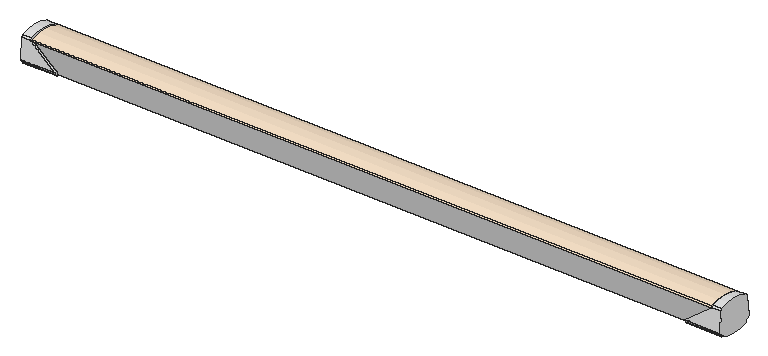
Revit family "Lighting-Industriale-GEWISS-ELIA-WL-LED_PLAFONIERA", category Apparecchi per illuminazione, host Superficie, Revit 2019
Family settings
  Host = Superficie
  Quota connettore circolare = Usa diametro
  Tipo di parte = Normale
  Taglio con vuoti quando caricato = No
  Sorgente d'illuminazione = Sì
  Condiviso = No
  Punto di calcolo locali = Sì
Parameters (values of type "GWS2358PL - ELIA WL 1500 OPALE 4000K LINEA PASSANTE")
  Wattage = 9.2903 W
  Visibilità frontale = Frontale : 1500
  Visibilità etichetta [instance] = yes
  Visibilità bidimensionale = 2D frontali : Elia WL 1500
  Versione file RFA = "20.0"
  Variazione temperatura colore lampada con luminosità attenuata = <Nessuno>
  Visibilità simbolo [instance] = yes
  Visibilità lampada in pianta [instance] = not(Visibilità simbolo)  # no
  URL = "https://www.gewiss.com/it/it"
  UGR: = ""
  Tipologia sorgente luminosa = "LED - Non sostituibile"
  Tipologia = "Plafone - Parete - Sospensione"
  Tipo lampada = "LED"
  Tipo alimentatore = ""
  Tensione = "220-240 V "
  Temperatura di utilizzo = "-25 +40 °C"
  Temperatura di funzionamento = "-25 +40 °C"
  Temperatura di colore: = "4000K"
  Temperatura di colore = "4000K"
  built-in parameter 1150107 = 3200 (stored number, unit not read)
  Spostamento_x_effettivo [instance] = 4000 mm - Spostamento_x  # 4000 mm
  Spostamento_x [instance] = 0 mm
  Spostamento_y_effettivo [instance] = 4000 mm - Spostamento_y  # 4000 mm
  Spostamento_y [instance] = 0 mm
  Scheda Tecnica = "https://www.gewiss.com/it/it/search?q=GWS2358PL"
  SEO = "Plafone - Parete - Sospensione"
  Resistenza agli urti = "IK08"
  Default Elevation = 1219.2 mm
  Produttore = "GEWISS S.p.A."
  Potenza di sistema = "47W"
  Peso (kg): = "2"
  Peso (kg) = "2"
  built-in parameter 1150110 = 1 (stored number, unit not read)
  built-in parameter 1150109 = 1 (stored number, unit not read)
  built-in parameter 1114218 = 1 (stored number, unit not read)
  built-in parameter 1150112 = 1 (stored number, unit not read)
  Ottica = "Schermo opale"
  Nome quadro [instance] = "330W"
  Modello = "GWS2358PL"
  built-in parameter 1150137 = (empty or 0)
  built-in parameter 1150132 = (empty or 0)
  Lumen output (lm) = "5700"
  Lampada: = "LED"
  L_lampada = 1500 mm
  LED Life time (L80B50) = "L80 B50 (Tq25°) = 54.000h"
  built-in parameter 1150105 = 109.82 (stored number, unit not read)
  built-in parameter 1150102 = (empty or 0)
  Installazione = "Plafone - Parete - Sospensione"
  Immagine tipo = ELIA_WL.jpeg
  built-in parameter 1150106 = 1.0982 (stored number, unit not read)
  IDT = "94634168-d726-4c19-9922-7cff39855ded"
  IDF = "9aa7aeb1-4f1d-4f08-a5fe-9c35326fe2d2"
  Grado di protezione = "IP66"
  Garanzia = "5 anni"
  Flusso luminoso in emergenza (lm) = ""
  Lumens = 1380 lm
  Color Filter = 16777215
  File diagramma fotometrico = "GWS2358PL.IES"
  built-in parameter 1114217 = 1 (stored number, unit not read)
  built-in parameter 1150139 = (empty or 0)
  Emit from Line Length = 609.6 mm
  built-in parameter 1150104 = 13.8 (stored number, unit not read)
  Distanza dal host [instance] = 0 mm
  built-in parameter 1150115 = 1 (stored number, unit not read)
  built-in parameter 1150114 = 1 (stored number, unit not read)
  built-in parameter 1150113 = 1 (stored number, unit not read)
  Dimensioni (mm) = "1500 mm"
  Descrizione = "ELIA WL 1500 OPALE 4000K LINEA PASSANTE"
  Creato da GEWISS S.p.A. = ""
  built-in parameter 1150134 = 3
  built-in parameter 1150138 = (empty or 0)
  Colore = "Bianco"
  Codice Electrocod = ""
  Codice EAN = ""
  Classe isolamento = "I"
  Classe di efficienza LED integrati = ""
  Catalogo Serie = "ELIA WL"
  Catalogo = "LIGHTING"
  COBie.Tagnumber = ""
  COBie.CreatedOn = ""
  COBie.CreatebBy = ""
  COBie.ComponentRegisterItemID = ""
  COBie.Component.TagNumber = ""
  COBie.Component.Space = ""
  COBie.Component.SerialNumber = ""
  COBie.Component.InstallationDate = ""
  COBie.Component.Description = ""
  COBie.Component.BarCode = ""
  Applicazione = "Interno"
  Tilt Angle = 90.00°  # constant formula
  built-in parameter 1150133 = 10 (stored number, unit not read)
Types (6, lengths in mm): name | Visibilità frontale | Visibilità bidimensionale | Temperatura di utilizzo | Temperatura di funzionamento | Scheda Tecnica | Potenza di sistema | Peso (kg): | Peso (kg) | Modello | Lumen output (lm) | L_lampada | IDT | Grado di protezione | File diagramma fotometrico | Dimensioni (mm) | Descrizione
  GWS2336P - ELIA WL 1200 OPALE 4000K STAND ALONE | Frontale : 1200 | 2D frontali : Elia Wl 1200 | "-25 +40 °C" | "-25 +40 °C" | "https://www.gewiss.com/it/it/search?q=GWS2336P" | "37W" | "1,7" | "1,7" | "GWS2336P" | "4500" | 1200 | "fa43dbab-c6b4-44d3-a5c7-b5303af9448d" | "IP66" | "GWS2336P.IES" | "1200 mm" | "ELIA WL 1200 OPALE 4000K STAND ALONE"
  GWS2336PE - ELIA WL 1200 OPALE 4000K EMERGENZA | Frontale : 1200 | 2D frontali : Elia Wl 1200 | "0 +25 °C" | "0 +25 °C" | "https://www.gewiss.com/it/it/search?q=GWS2336PE" | "42W" | "2,7" | "2,7" | "GWS2336PE" | "4500" | 1200 | "762034f8-eb7c-49ef-833b-293f5b18beb9" | "IP54" | "GWS2336PE.IES" | "1200 mm" | "ELIA WL 1200 OPALE 4000K EMERGENZA"
  GWS2336PL - ELIA WL 1200 OPALE 4000K LINEA PASSANTE | Frontale : 1200 | 2D frontali : Elia Wl 1200 | "-25 +40 °C" | "-25 +40 °C" | "https://www.gewiss.com/it/it/search?q=GWS2336PL" | "37W" | "1,7" | "1,7" | "GWS2336PL" | "4500" | 1200 | "49a88468-eb8e-4ae3-bb05-9e95ea00be18" | "IP66" | "GWS2336PL.IES" | "1200 mm" | "ELIA WL 1200 OPALE 4000K LINEA PASSANTE"
  GWS2358P - ELIA WL 1500 OPALE 4000K STAND ALONE | Frontale : 1500 | 2D frontali : Elia WL 1500 | "-25 +40 °C" | "-25 +40 °C" | "https://www.gewiss.com/it/it/search?q=GWS2358P" | "47W" | "2" | "2" | "GWS2358P" | "5700" | 1500 | "4e95b2c0-e32c-426e-a5ce-0e24ee83d399" | "IP66" | "GWS2358P.IES" | "1500 mm" | "ELIA WL 1500 OPALE 4000K STAND ALONE"
  GWS2358PE - ELIA WL 1500 OPALE 4000K EMERGENZA | Frontale : 1500 | 2D frontali : Elia WL 1500 | "0 +25 °C" | "0 +25 °C" | "https://www.gewiss.com/it/it/search?q=GWS2358PE" | "52W" | "3" | "3" | "GWS2358PE" | "5700" | 1500 | "d8150ac9-eb42-467d-8340-7120c57fe45e" | "IP54" | "GWS2358PE.IES" | "1500 mm" | "ELIA WL 1500 OPALE 4000K EMERGENZA"
  GWS2358PL - ELIA WL 1500 OPALE 4000K LINEA PASSANTE | Frontale : 1500 | 2D frontali : Elia WL 1500 | "-25 +40 °C" | "-25 +40 °C" | "https://www.gewiss.com/it/it/search?q=GWS2358PL" | "47W" | "2" | "2" | "GWS2358PL" | "5700" | 1500 | "94634168-d726-4c19-9922-7cff39855ded" | "IP66" | "GWS2358PL.IES" | "1500 mm" | "ELIA WL 1500 OPALE 4000K LINEA PASSANTE"
Reference planes
  plane 1 "Centro (Fronte/Retro)": y = 0
  plane 2: z = 0
  plane 3 "Centro (Sinistra/Destra)": x = 0
  plane 4: x = -4000
  plane 5: x = 0
  plane 6: x = 0
  plane 7: z = 1200
  plane 8: y = -4000
  plane 9: y = 0
  plane 10: z = 6.4
  plane 11: z = 56.978
  plane 12: z = 0
Dimensions and locks
  plane 4 to plane 3 "Centro (Sinistra/Destra)" = 4000 mm  (x2)
  "Spostamento_x_effettivo": plane 4 to plane 5
  "Spostamento_x_effettivo": plane 6 to plane 4
  plane 7 to plane 2 = 1200 mm
  "Spostamento_y_effettivo": plane 9 to plane 8
  plane 1 "Centro (Fronte/Retro)" to plane 8 = 4000 mm
  locked: plane 11 to plane 10 at 50.578
  locked: plane 10 to plane 12 at 6.4
  "Distanza dal host": plane 12 to level
  aligned and locked: plane 2 to host face
  aligned and locked: level to host face
  aligned and locked: plane 6 to nested 1
  aligned and locked: plane 10 to nested 2
  aligned and locked: plane 1 "Centro (Fronte/Retro)" to imposter light
  aligned and locked: nested 1 to plane 9
  aligned and locked: nested 4 to plane 3 "Centro (Sinistra/Destra)"
  aligned and locked: level to nested 3
  aligned and locked: nested 3 to plane 1 "Centro (Fronte/Retro)"
  aligned and locked: nested 5 to level
  aligned and locked: plane 1 "Centro (Fronte/Retro)" to nested 6
  aligned and locked: plane 6 to nested 7
  aligned and locked: nested 8 to plane 12
  aligned and locked: nested 8 to imposter light
Automatic sketch dimensions
  host sketch curve to host sketch curve = 2438.4 mm  (x2)
Nested families
  nested 1: "Etichetta light" at (0, 0, 0), visible <- "Visibilità etichetta", type "Etichetta light"
  nested 2: "Elia WL base" at (0, 0, 66.672) x (-1, 0, 0) z (0, 0, -1), type "Elia WL base"
    with L_lampada 1500 mm
  nested 3: "SIMB_2D" at (0, 0, 110.443) x (0, 0, 1) z (1, 0, 0), visible <- "Visibilità simbolo", type "SIMB_2D"
  nested 4: "SIMB_2D" at (0, 0, 40) x (-1, 0, 0) z (0, -1, 0), visible <- "Visibilità simbolo", type "SIMB_2D"
  nested 5: "2D frontali" at (0, 0, 0) x (1, 0, 0) z (0, -1, 0), visible <- "Visibilità lampada in pianta", type <- "Visibilità bidimensionale", type "Elia WL 1500"
  nested 6: "Frontale" at (0, 0, 0), type <- "Visibilità frontale", visible <- "Visibilità lampada in pianta", type "1500"
  nested 7: "Elia WL" at (0, -135, 0), visible <- "Visibilità simbolo", type "Elia WL"
  nested 8: "2D laterali" at (0, 0, 0) x (0, 1, 0) z (1, 0, 0), visible <- "Visibilità lampada in pianta", type "2D laterali"
Definition of nested family "Elia WL base"
  Parameters (values of type "Elia WL base")
    porta lampada = none
    led = none
    diametro lampada = 45 mm
    Default Elevation = 1219.2 mm
    L_lampada = 1200 mm
    Corpo centrale = none
  Reference planes
    plane 1 "Centro (Fronte/Retro)": y = 0
    plane 2: z = 0
    plane 3 "Centro (Sinistra/Destra)": x = 0
    plane 4: x = -600
    plane 5: x = -525.132
    plane 6: x = -580.156
    plane 7: x = 525.132
    plane 8: x = 580.156
    plane 9: x = 600
    plane 10: z = 39.707
    plane 11: z = -7.379
  Forms (mm)
    Extrusion 1, solid, material <- "porta lampada"
      sketch origin (0, 0, 0) x (0, 1, 0) y (0, 0, 1)
        loop
          line (-35.231, 9.488) -> (-32.064, 5.714)
          arc (-32.064, 5.714) -> (-0.397, -0.384) -> (31.269, 5.714) r 85.26
          line (31.269, 5.714) -> (35.249, 9.694) -> (38.832, 50.655) -> (36.022, 55.522)
          arc (36.022, 55.522) -> (31.906, 56.155) -> (31.272, 60.271) r 3.522
          arc (31.272, 60.271) -> (0, 66.678) -> (-31.272, 60.272) r 79.526
          arc (-31.272, 60.272) -> (-31.906, 56.156) -> (-36.022, 55.522) r 3.522
          line (-36.022, 55.522) -> (-38.832, 50.655) -> (-35.231, 9.488)
      from -600 to -525.132
    Extrusion 2, void
      sketch origin (0, 0, 0) x (1, 0, 0) y (0, 0, 1)
        loop
          line (-525.132, -7.379) -> (-525.132, 50.655) -> (-580.156, 9.694) -> (-580.156, -7.379) -> (-525.132, -7.379)
      from -42.26 to 40.514
    Extrusion 3, void
      sketch origin (0, 0, 0) x (0, 1, 0) y (0, 0, 1)
        loop
          circle (0, 39.707) r 22.5
      from -580.156 to -525.132
    Extrusion 4, solid, material <- "porta lampada"
      sketch origin (0, 0, 0) x (0, 1, 0) y (0, 0, -1)
        loop
          line (-35.231, -9.488) -> (-38.832, -50.655) -> (-36.022, -55.522)
          arc (-36.022, -55.522) -> (-31.906, -56.156) -> (-31.272, -60.272) r 3.522
          arc (-31.272, -60.272) -> (0, -66.678) -> (31.272, -60.271) r 79.526
          arc (31.272, -60.271) -> (31.906, -56.155) -> (36.022, -55.522) r 3.522
          line (36.022, -55.522) -> (38.832, -50.655) -> (35.249, -9.694) -> (31.269, -5.714)
          arc (31.269, -5.714) -> (-0.397, 0.384) -> (-32.064, -5.714) r 85.26
          line (-32.064, -5.714) -> (-35.231, -9.488)
      from -600 to -525.132
    Extrusion 5, void
      sketch origin (0, 0, 0) x (-1, 0, 0) y (0, 0, -1)
        loop
          line (-525.132, 7.379) -> (-580.156, 7.379) -> (-580.156, -9.694) -> (-525.132, -50.655) -> (-525.132, 7.379)
      from -42.26 to 40.514
    Extrusion 6, void
      sketch origin (0, 0, 0) x (0, 1, 0) y (0, 0, -1)
        loop
          line (21.429, -46.566) -> (21.429, -9.694) -> (-21.429, -9.694) -> (-21.429, -46.566)
          arc (-21.429, -46.566) -> (0, -62.207) -> (21.429, -46.566) r 22.5
      from -580.156 to 580.156
    Extrusion 7, solid, material <- "led"
      sketch origin (0, 0, 0) x (0, 1, 0) y (0, 0, 1)
        loop
          line (33.409, 7.854) -> (35.249, 9.694) -> (-35.403, 9.694) -> (-33.667, 7.625)
          arc (-33.667, 7.625) -> (-0.105, 0.866) -> (33.409, 7.854) r 85.26
      from -580.156 to 580.156
    Extrusion 8, solid, material <- "Corpo centrale"
      sketch origin (0, 0, 0) x (0, 1, 0) y (0, 0, 1)
        loop
          line (-35.112, 54.021) -> (-31.233, 9.694) -> (31.233, 9.694) -> (35.111, 54.02)
          arc (35.111, 54.02) -> (0, 62.678) -> (-35.112, 54.021) r 75.526
      from -580.156 to 580.156
  Cuts and joins
    Extrusion 2, Extrusion 3, Extrusion 5 cuts Extrusion 1
    Extrusion 5, Extrusion 6 cuts Extrusion 4
  Dimensions and locks
    locked: plane 4 to plane 6 at 19.844
    locked: plane 6 to plane 5 at 55.024
    locked: plane 8 to plane 7 at 55.024
    locked: plane 9 to plane 8 at 19.844
    equal spacing: plane 4, plane 3 "Centro (Sinistra/Destra)", plane 9
    "L_lampada": plane 4 to plane 9
    locked: level to plane 11 at 7.379
    "diametro lampada": diameter of Extrusion 3 sketch curve
    "diametro lampada": diameter of Extrusion 6 sketch curve
    aligned and locked: level to plane 2
    aligned and locked: Extrusion 2 to plane 5
    aligned and locked: Extrusion 1 to plane 5
    aligned and locked: plane 4 to Extrusion 1
    aligned and locked: plane 6 to Extrusion 2  (x2)
    aligned and locked: plane 6 to Extrusion 3
    aligned and locked: Extrusion 3 to plane 5
    aligned and locked: plane 7 to Extrusion 5
    aligned and locked: plane 7 to Extrusion 4
    aligned and locked: plane 8 to Extrusion 5  (x2)
    aligned and locked: Extrusion 6 to plane 8
    aligned and locked: cut or joined group of Extrusion 4, Extrusion 5, Extrusion 6 to plane 9
    aligned and locked: plane 10 to Extrusion 6 sketch curve
    aligned and locked: plane 1 "Centro (Fronte/Retro)" to Extrusion 6 sketch curve
    aligned and locked: plane 10 to Extrusion 3 sketch curve
    aligned and locked: plane 1 "Centro (Fronte/Retro)" to Extrusion 3 sketch curve
    aligned and locked: Extrusion 2 to Extrusion 6
    aligned and locked: Extrusion 2 to plane 11
    aligned and locked: Extrusion 5 to plane 11
    aligned and locked: plane 6 to Extrusion 7
    aligned and locked: plane 8 to Extrusion 7
    aligned and locked: plane 6 to Extrusion 6
    aligned and locked: plane 6 to Extrusion 8
    aligned and locked: plane 8 to Extrusion 8
  Automatic sketch dimensions
    plane 1 "Centro (Fronte/Retro)" to Extrusion 1 sketch curve = 38.832 mm
    Extrusion 1 sketch curve to Extrusion 1 sketch curve = 2.81 mm  (x2)
    level to Extrusion 1 sketch curve = 9.488 mm
    plane 1 "Centro (Fronte/Retro)" to Extrusion 1 sketch curve = 35.231 mm
    Extrusion 1 sketch curve to Extrusion 1 sketch curve = 1.626 mm  (x2)
    level to Extrusion 1 sketch curve = 5.714 mm  (x2)
    Extrusion 1 sketch curve to Extrusion 1 sketch curve = 3.167 mm
    plane 1 "Centro (Fronte/Retro)" to Extrusion 1 sketch curve = 0.397 mm
    plane 1 "Centro (Fronte/Retro)" to Extrusion 1 sketch curve = 0.001 mm
    Extrusion 1 sketch curve to plane 1 "Centro (Fronte/Retro)" = 34.396 mm
    level to Extrusion 1 sketch curve = 9.694 mm
    Extrusion 1 sketch curve to Extrusion 1 sketch curve = 3.979 mm
    Extrusion 1 sketch curve to level = 12.847 mm
    Extrusion 1 sketch curve to Extrusion 1 sketch curve = 41.167 mm
    Extrusion 1 sketch curve to Extrusion 1 sketch curve = 40.961 mm
    Extrusion 1 sketch curve to Extrusion 1 sketch curve = 4.867 mm  (x2)
    Extrusion 1 sketch curve to Extrusion 1 sketch curve = 3.124 mm  (x3)
    Extrusion 1 sketch curve to Extrusion 1 sketch curve = 26.23 mm
    Extrusion 2 sketch curve to level = 7.379 mm
    plane 6 to Extrusion 2 sketch curve = 0 mm
    plane 5 to Extrusion 2 sketch curve = 0 mm
    level to Extrusion 2 sketch curve = 9.694 mm
    level to Extrusion 2 sketch curve = 50.655 mm
    plane 1 "Centro (Fronte/Retro)" to Extrusion 4 sketch curve = 38.832 mm
    Extrusion 4 sketch curve to Extrusion 4 sketch curve = 2.81 mm  (x2)
    level to Extrusion 4 sketch curve = 9.488 mm
    plane 1 "Centro (Fronte/Retro)" to Extrusion 4 sketch curve = 35.231 mm
    Extrusion 4 sketch curve to Extrusion 4 sketch curve = 1.626 mm  (x2)
    level to Extrusion 4 sketch curve = 5.714 mm  (x2)
    Extrusion 4 sketch curve to Extrusion 4 sketch curve = 3.167 mm
    plane 1 "Centro (Fronte/Retro)" to Extrusion 4 sketch curve = 0.397 mm
    plane 1 "Centro (Fronte/Retro)" to Extrusion 4 sketch curve = 0.001 mm
    Extrusion 4 sketch curve to plane 1 "Centro (Fronte/Retro)" = 34.396 mm
    level to Extrusion 4 sketch curve = 9.694 mm
    Extrusion 4 sketch curve to Extrusion 4 sketch curve = 3.979 mm
    Extrusion 4 sketch curve to Extrusion 4 sketch curve = 40.961 mm
    Extrusion 4 sketch curve to Extrusion 4 sketch curve = 41.167 mm
    Extrusion 4 sketch curve to Extrusion 4 sketch curve = 4.867 mm  (x2)
    Extrusion 4 sketch curve to Extrusion 4 sketch curve = 3.124 mm  (x3)
    Extrusion 4 sketch curve to Extrusion 4 sketch curve = 26.23 mm
    Extrusion 4 sketch curve to level = 12.847 mm
    level to Extrusion 5 sketch curve = 7.379 mm
    Extrusion 5 sketch curve to plane 8 = 0 mm
    Extrusion 5 sketch curve to plane 7 = 0 mm
    Extrusion 5 sketch curve to level = 9.694 mm
    Extrusion 5 sketch curve to level = 50.655 mm
    level to Extrusion 7 sketch curve = 9.694 mm
    plane 1 "Centro (Fronte/Retro)" to Extrusion 7 sketch curve = 35.403 mm
    level to Extrusion 7 sketch curve = 7.625 mm
    Extrusion 7 sketch curve to Extrusion 7 sketch curve = 1.736 mm
    plane 1 "Centro (Fronte/Retro)" to Extrusion 7 sketch curve = 0.397 mm
    plane 10 to Extrusion 7 sketch curve = 46.419 mm
    level to Extrusion 7 sketch curve = 7.854 mm
    Extrusion 7 sketch curve to Extrusion 7 sketch curve = 1.839 mm
    plane 1 "Centro (Fronte/Retro)" to Extrusion 8 sketch curve = 0.001 mm
    Extrusion 8 sketch curve to plane 11 = 5.468 mm
    level to Extrusion 8 sketch curve = 9.694 mm
    plane 1 "Centro (Fronte/Retro)" to Extrusion 8 sketch curve = 31.233 mm
    plane 10 to Extrusion 8 sketch curve = 14.314 mm
    Extrusion 8 sketch curve to plane 1 "Centro (Fronte/Retro)" = 35.111 mm
    Extrusion 8 sketch curve to plane 1 "Centro (Fronte/Retro)" = 31.233 mm
    plane 10 to Extrusion 8 sketch curve = 14.313 mm
    level to Extrusion 6 sketch curve = 9.694 mm
    plane 1 "Centro (Fronte/Retro)" to Extrusion 6 sketch curve = 21.429 mm
    Extrusion 6 sketch curve to plane 1 "Centro (Fronte/Retro)" = 21.429 mm
Definition of nested family "Etichetta light"
  Parameters (values of type "ETICHETTA LIGHT")
    COMMENTI = "330W"
  Reference planes
    plane 1: y = 0
    plane 2: x = 0
  Text (mm)
    label "COMMENTI" at (-0.057, 0.105, 0), shows "COMMENTI"
Definition of nested family "SIMB_2D"
  Reference planes
    plane 1 "Centro (Fronte/Retro)": y = 0
    plane 2: z = 0
    plane 3 "Centro (Sinistra/Destra)": x = 0
  Lines and regions (mm)
    model lines, in view "Livello rif."
      curve 1: line (-91.479, 0, 0) -> (0, 0, 0)
      curve 2: line (155.057, -37.929, 0) -> (-110.443, -37.929, 0)
      curve 3: line (-110.443, -37.929, 0) -> (-110.443, 37.929, 0)
      curve 4: line (-110.443, 37.929, 0) -> (155.057, 37.929, 0)
      curve 5: line (155.057, 37.929, 0) -> (155.057, -37.929, 0)
      curve 6: line (37.325, -18.582, 0) -> (0, 0, 0)
      curve 7: line (0, 0, 0) -> (37.325, 18.806, 0)
      curve 8: line (37.325, 18.806, 0) -> (37.325, -18.582, 0)
      curve 9: line (0, 18.694, 0) -> (0, -18.694, 0)
      curve 10: line (37.325, 0, 0) -> (136.092, 0, 0)
Definition of nested family "2D frontali"
  Parameters (values of type "Elia WL 1500")
    Elia WL 1500 = yes
    Elia WL 1200 = no
  Types (3, lengths in mm): name | Elia WL 1500 | Elia WL 1200
    (no name) | yes | no
    Elia Wl 1200 | no | yes
    Elia WL 1500 | yes | no
  Reference planes
    plane 1 "Centro (Fronte/Retro)": y = 0
    plane 2: z = 0
    plane 3 "Centro (Sinistra/Destra)": x = 0
  Lines and regions (mm)
    detail lines, in view "Livello rif.", visible <- "Elia WL 1200"
      curve 1: line (521.777, 0, 0) -> (521.777, 15.949, 0)
      curve 2: line (522.574, -0.797, 0) -> (521.777, 0, 0)
      curve 3: line (595.142, 0, 0) -> (522.574, -0.797, 0)
      curve 4: line (596.737, 1.595, 0) -> (595.142, 0, 0)
      curve 5: line (596.737, 64.593, 0) -> (596.737, 1.595, 0)
      curve 6: line (595.142, 66.188, 0) -> (596.737, 64.593, 0)
      curve 7: line (578.395, 66.188, 0) -> (595.142, 66.188, 0)
      curve 8: line (577.598, 65.391, 0) -> (578.395, 66.188, 0)
      curve 9: line (577.598, 64.593, 0) -> (577.598, 65.391, 0)
      curve 10: line (577.598, 63.796, 0) -> (577.598, 64.593, 0)
      curve 11: line (577.598, 62.998, 0) -> (577.598, 63.796, 0)
      curve 12: line (577.598, 61.403, 0) -> (577.598, 62.998, 0)
      curve 13: line (577.598, 60.606, 0) -> (577.598, 61.403, 0)
      curve 14: line (577.598, 59.809, 0) -> (577.598, 60.606, 0)
      curve 15: line (577.598, 59.011, 0) -> (577.598, 59.809, 0)
      curve 16: line (577.598, 58.214, 0) -> (577.598, 59.011, 0)
      curve 17: line (576.801, 57.416, 0) -> (577.598, 58.214, 0)
      curve 18: line (576.801, 56.619, 0) -> (576.801, 57.416, 0)
      curve 19: line (576.003, 55.821, 0) -> (576.801, 56.619, 0)
      curve 20: line (575.206, 55.024, 0) -> (576.003, 55.821, 0)
      curve 21: line (574.408, 54.226, 0) -> (575.206, 55.024, 0)
      curve 22: line (573.611, 53.429, 0) -> (574.408, 54.226, 0)
      curve 23: line (560.852, 43.86, 0) -> (573.611, 53.429, 0)
      curve 24: line (548.092, 34.29, 0) -> (560.852, 43.86, 0)
      curve 25: line (534.536, 25.518, 0) -> (548.092, 34.29, 0)
      curve 26: line (521.777, 15.949, 0) -> (534.536, 25.518, 0)
      curve 27: line (-474.874, 0, 0) -> (-474.874, 15.949, 0)
      curve 28: line (-475.672, -0.797, 0) -> (-474.874, 0, 0)
      curve 29: line (-547.442, 0, 0) -> (-475.672, -0.797, 0)
      curve 30: line (-549.834, 1.595, 0) -> (-547.442, 0, 0)
      curve 31: line (-549.834, 64.593, 0) -> (-549.834, 1.595, 0)
      curve 32: line (-547.442, 66.188, 0) -> (-549.834, 64.593, 0)
      curve 33: line (-531.493, 66.188, 0) -> (-547.442, 66.188, 0)
      curve 34: line (-530.696, 65.391, 0) -> (-531.493, 66.188, 0)
      curve 35: line (-530.696, 64.593, 0) -> (-530.696, 65.391, 0)
      curve 36: line (-530.696, 63.796, 0) -> (-530.696, 64.593, 0)
      curve 37: line (-530.696, 62.998, 0) -> (-530.696, 63.796, 0)
      curve 38: line (-530.696, 61.403, 0) -> (-530.696, 62.998, 0)
      curve 39: line (-530.696, 60.606, 0) -> (-530.696, 61.403, 0)
      curve 40: line (-530.696, 59.809, 0) -> (-530.696, 60.606, 0)
      curve 41: line (-530.696, 59.011, 0) -> (-530.696, 59.809, 0)
      curve 42: line (-529.898, 58.214, 0) -> (-530.696, 59.011, 0)
      curve 43: line (-529.898, 57.416, 0) -> (-529.898, 58.214, 0)
      curve 44: line (-529.101, 56.619, 0) -> (-529.898, 57.416, 0)
      curve 45: line (-529.101, 55.821, 0) -> (-529.101, 56.619, 0)
      curve 46: line (-528.303, 55.024, 0) -> (-529.101, 55.821, 0)
      curve 47: line (-527.506, 54.226, 0) -> (-528.303, 55.024, 0)
      curve 48: line (-526.708, 53.429, 0) -> (-527.506, 54.226, 0)
      curve 49: line (-513.949, 43.86, 0) -> (-526.708, 53.429, 0)
      curve 50: line (-500.393, 34.29, 0) -> (-513.949, 43.86, 0)
      curve 51: line (-487.633, 25.518, 0) -> (-500.393, 34.29, 0)
      curve 52: line (-474.874, 15.949, 0) -> (-487.633, 25.518, 0)
      curve 53: line (595.939, 0, 0) -> (-474.874, 0, 0)
      curve 54: line (-545.704, 64.593, 0) -> (595.142, 64.593, 0)
      curve 55: line (596.737, 47.847, 0) -> (596.737, 1.595, 0)
      curve 56: line (-529.898, 57.416, 0) -> (577.598, 57.416, 0)
      curve 57: line (-474.874, 7.177, 0) -> (521.777, 7.177, 0)
    detail lines, in view "Livello rif.", visible <- "Elia WL 1200", not visible
      curve 58: line (521.777, 0, 0) -> (521.777, 15.949, 0)
      curve 59: line (522.574, -0.797, 0) -> (521.777, 0, 0)
      curve 60: line (595.142, 0, 0) -> (522.574, -0.797, 0)
      curve 61: line (596.737, 1.595, 0) -> (595.142, 0, 0)
      curve 62: line (596.737, 64.593, 0) -> (596.737, 1.595, 0)
      curve 63: line (595.142, 66.188, 0) -> (596.737, 64.593, 0)
      curve 64: line (578.395, 66.188, 0) -> (595.142, 66.188, 0)
      curve 65: line (577.598, 65.391, 0) -> (578.395, 66.188, 0)
      curve 66: line (577.598, 64.593, 0) -> (577.598, 65.391, 0)
      curve 67: line (577.598, 63.796, 0) -> (577.598, 64.593, 0)
      curve 68: line (577.598, 62.998, 0) -> (577.598, 63.796, 0)
      curve 69: line (577.598, 61.403, 0) -> (577.598, 62.998, 0)
      curve 70: line (577.598, 60.606, 0) -> (577.598, 61.403, 0)
      curve 71: line (577.598, 59.809, 0) -> (577.598, 60.606, 0)
      curve 72: line (577.598, 59.011, 0) -> (577.598, 59.809, 0)
      curve 73: line (577.598, 58.214, 0) -> (577.598, 59.011, 0)
      curve 74: line (576.801, 57.416, 0) -> (577.598, 58.214, 0)
      curve 75: line (576.801, 56.619, 0) -> (576.801, 57.416, 0)
      curve 76: line (576.003, 55.821, 0) -> (576.801, 56.619, 0)
      curve 77: line (575.206, 55.024, 0) -> (576.003, 55.821, 0)
      curve 78: line (574.408, 54.226, 0) -> (575.206, 55.024, 0)
      curve 79: line (573.611, 53.429, 0) -> (574.408, 54.226, 0)
      curve 80: line (560.852, 43.86, 0) -> (573.611, 53.429, 0)
      curve 81: line (548.092, 34.29, 0) -> (560.852, 43.86, 0)
      curve 82: line (534.536, 25.518, 0) -> (548.092, 34.29, 0)
      curve 83: line (521.777, 15.949, 0) -> (534.536, 25.518, 0)
      curve 84: line (-474.874, 0, 0) -> (-474.874, 15.949, 0)
      curve 85: line (-475.672, -0.797, 0) -> (-474.874, 0, 0)
      curve 86: line (-547.442, 0, 0) -> (-475.672, -0.797, 0)
      curve 87: line (-549.834, 1.595, 0) -> (-547.442, 0, 0)
      curve 88: line (-549.834, 64.593, 0) -> (-549.834, 1.595, 0)
      curve 89: line (-547.442, 66.188, 0) -> (-549.834, 64.593, 0)
      curve 90: line (-531.493, 66.188, 0) -> (-547.442, 66.188, 0)
      curve 91: line (-530.696, 65.391, 0) -> (-531.493, 66.188, 0)
      curve 92: line (-530.696, 64.593, 0) -> (-530.696, 65.391, 0)
      curve 93: line (-530.696, 63.796, 0) -> (-530.696, 64.593, 0)
      curve 94: line (-530.696, 62.998, 0) -> (-530.696, 63.796, 0)
      curve 95: line (-530.696, 61.403, 0) -> (-530.696, 62.998, 0)
      curve 96: line (-530.696, 60.606, 0) -> (-530.696, 61.403, 0)
      curve 97: line (-530.696, 59.809, 0) -> (-530.696, 60.606, 0)
      curve 98: line (-530.696, 59.011, 0) -> (-530.696, 59.809, 0)
      curve 99: line (-529.898, 58.214, 0) -> (-530.696, 59.011, 0)
      curve 100: line (-529.898, 57.416, 0) -> (-529.898, 58.214, 0)
      curve 101: line (-529.101, 56.619, 0) -> (-529.898, 57.416, 0)
      curve 102: line (-529.101, 55.821, 0) -> (-529.101, 56.619, 0)
      curve 103: line (-528.303, 55.024, 0) -> (-529.101, 55.821, 0)
      curve 104: line (-527.506, 54.226, 0) -> (-528.303, 55.024, 0)
      curve 105: line (-526.708, 53.429, 0) -> (-527.506, 54.226, 0)
      curve 106: line (-513.949, 43.86, 0) -> (-526.708, 53.429, 0)
      curve 107: line (-500.393, 34.29, 0) -> (-513.949, 43.86, 0)
      curve 108: line (-487.633, 25.518, 0) -> (-500.393, 34.29, 0)
      curve 109: line (-474.874, 15.949, 0) -> (-487.633, 25.518, 0)
      curve 110: line (595.939, 0, 0) -> (-474.874, 0, 0)
      curve 111: line (-545.704, 64.593, 0) -> (595.142, 64.593, 0)
      curve 112: line (596.737, 47.847, 0) -> (596.737, 1.595, 0)
      curve 113: line (-529.898, 57.416, 0) -> (577.598, 57.416, 0)
      curve 114: line (-474.874, 7.177, 0) -> (521.777, 7.177, 0)
    detail lines, in view "Livello rif.", visible <- "Elia WL 1500"
      curve 115: line (659.469, 0, 0) -> (659.469, 15.949, 0)
      curve 116: line (660.266, -0.797, 0) -> (659.469, 0, 0)
      curve 117: line (732.834, 0, 0) -> (660.266, -0.797, 0)
      curve 118: line (734.429, 1.595, 0) -> (732.834, 0, 0)
      curve 119: line (734.429, 64.593, 0) -> (734.429, 1.595, 0)
      curve 120: line (732.834, 66.188, 0) -> (734.429, 64.593, 0)
      curve 121: line (716.087, 66.188, 0) -> (732.834, 66.188, 0)
      curve 122: line (715.29, 65.391, 0) -> (716.087, 66.188, 0)
      curve 123: line (715.29, 64.593, 0) -> (715.29, 65.391, 0)
      curve 124: line (715.29, 63.796, 0) -> (715.29, 64.593, 0)
      curve 125: line (715.29, 62.998, 0) -> (715.29, 63.796, 0)
      curve 126: line (715.29, 61.403, 0) -> (715.29, 62.998, 0)
      curve 127: line (715.29, 60.606, 0) -> (715.29, 61.403, 0)
      curve 128: line (715.29, 59.809, 0) -> (715.29, 60.606, 0)
      curve 129: line (715.29, 59.011, 0) -> (715.29, 59.809, 0)
      curve 130: line (715.29, 58.214, 0) -> (715.29, 59.011, 0)
      curve 131: line (714.493, 57.416, 0) -> (715.29, 58.214, 0)
      curve 132: line (714.493, 56.619, 0) -> (714.493, 57.416, 0)
      curve 133: line (713.695, 55.821, 0) -> (714.493, 56.619, 0)
      curve 134: line (712.898, 55.024, 0) -> (713.695, 55.821, 0)
      curve 135: line (712.1, 54.226, 0) -> (712.898, 55.024, 0)
      curve 136: line (711.303, 53.429, 0) -> (712.1, 54.226, 0)
      curve 137: line (698.544, 43.86, 0) -> (711.303, 53.429, 0)
      curve 138: line (685.784, 34.29, 0) -> (698.544, 43.86, 0)
      curve 139: line (672.228, 25.518, 0) -> (685.784, 34.29, 0)
      curve 140: line (659.469, 15.949, 0) -> (672.228, 25.518, 0)
      curve 141: line (-637.18, 0, 0) -> (-637.18, 15.949, 0)
      curve 142: line (-637.978, -0.797, 0) -> (-637.18, 0, 0)
      curve 143: line (-709.748, 0, 0) -> (-637.978, -0.797, 0)
      curve 144: line (-712.14, 1.595, 0) -> (-709.748, 0, 0)
      curve 145: line (-712.14, 64.593, 0) -> (-712.14, 1.595, 0)
      curve 146: line (-709.748, 66.188, 0) -> (-712.14, 64.593, 0)
      curve 147: line (-693.799, 66.188, 0) -> (-709.748, 66.188, 0)
      curve 148: line (-693.002, 65.391, 0) -> (-693.799, 66.188, 0)
      curve 149: line (-693.002, 64.593, 0) -> (-693.002, 65.391, 0)
      curve 150: line (-693.002, 63.796, 0) -> (-693.002, 64.593, 0)
      curve 151: line (-693.002, 62.998, 0) -> (-693.002, 63.796, 0)
      curve 152: line (-693.002, 61.403, 0) -> (-693.002, 62.998, 0)
      curve 153: line (-693.002, 60.606, 0) -> (-693.002, 61.403, 0)
      curve 154: line (-693.002, 59.809, 0) -> (-693.002, 60.606, 0)
      curve 155: line (-693.002, 59.011, 0) -> (-693.002, 59.809, 0)
      curve 156: line (-692.204, 58.214, 0) -> (-693.002, 59.011, 0)
      curve 157: line (-692.204, 57.416, 0) -> (-692.204, 58.214, 0)
      curve 158: line (-691.407, 56.619, 0) -> (-692.204, 57.416, 0)
      curve 159: line (-691.407, 55.821, 0) -> (-691.407, 56.619, 0)
      curve 160: line (-690.609, 55.024, 0) -> (-691.407, 55.821, 0)
      curve 161: line (-689.812, 54.226, 0) -> (-690.609, 55.024, 0)
      curve 162: line (-689.015, 53.429, 0) -> (-689.812, 54.226, 0)
      curve 163: line (-676.255, 43.86, 0) -> (-689.015, 53.429, 0)
      curve 164: line (-662.699, 34.29, 0) -> (-676.255, 43.86, 0)
      curve 165: line (-649.94, 25.518, 0) -> (-662.699, 34.29, 0)
      curve 166: line (-637.18, 15.949, 0) -> (-649.94, 25.518, 0)
      curve 167: line (733.631, 0, 0) -> (-708.951, 0, 0)
      curve 168: line (-709.748, 64.593, 0) -> (732.834, 64.593, 0)
      curve 169: line (734.429, 47.847, 0) -> (734.429, 1.595, 0)
      curve 170: line (-693.002, 57.416, 0) -> (715.29, 57.416, 0)
      curve 171: line (-637.18, 7.177, 0) -> (659.469, 7.177, 0)
    detail lines, in view "Livello rif.", visible <- "Elia WL 1500", not visible
      curve 172: line (659.469, -274.135, 0) -> (659.469, -258.186, 0)
      curve 173: line (660.266, -274.932, 0) -> (659.469, -274.135, 0)
      curve 174: line (732.834, -274.135, 0) -> (660.266, -274.932, 0)
      curve 175: line (734.429, -272.54, 0) -> (732.834, -274.135, 0)
      curve 176: line (734.429, -209.542, 0) -> (734.429, -272.54, 0)
      curve 177: line (732.834, -207.947, 0) -> (734.429, -209.542, 0)
      curve 178: line (716.087, -207.947, 0) -> (732.834, -207.947, 0)
      curve 179: line (715.29, -208.744, 0) -> (716.087, -207.947, 0)
      curve 180: line (715.29, -209.542, 0) -> (715.29, -208.744, 0)
      curve 181: line (715.29, -210.339, 0) -> (715.29, -209.542, 0)
      curve 182: line (715.29, -211.137, 0) -> (715.29, -210.339, 0)
      curve 183: line (715.29, -212.732, 0) -> (715.29, -211.137, 0)
      curve 184: line (715.29, -213.529, 0) -> (715.29, -212.732, 0)
      curve 185: line (715.29, -214.326, 0) -> (715.29, -213.529, 0)
      curve 186: line (715.29, -215.124, 0) -> (715.29, -214.326, 0)
      curve 187: line (715.29, -215.921, 0) -> (715.29, -215.124, 0)
      curve 188: line (714.493, -216.719, 0) -> (715.29, -215.921, 0)
      curve 189: line (714.493, -217.516, 0) -> (714.493, -216.719, 0)
      curve 190: line (713.695, -218.314, 0) -> (714.493, -217.516, 0)
      curve 191: line (712.898, -219.111, 0) -> (713.695, -218.314, 0)
      curve 192: line (712.1, -219.909, 0) -> (712.898, -219.111, 0)
      curve 193: line (711.303, -220.706, 0) -> (712.1, -219.909, 0)
      curve 194: line (698.544, -230.275, 0) -> (711.303, -220.706, 0)
      curve 195: line (685.784, -239.845, 0) -> (698.544, -230.275, 0)
      curve 196: line (672.228, -248.617, 0) -> (685.784, -239.845, 0)
      curve 197: line (659.469, -258.186, 0) -> (672.228, -248.617, 0)
      curve 198: line (-637.18, -274.135, 0) -> (-637.18, -258.186, 0)
      curve 199: line (-637.978, -274.932, 0) -> (-637.18, -274.135, 0)
      curve 200: line (-709.748, -274.135, 0) -> (-637.978, -274.932, 0)
      curve 201: line (-712.14, -272.54, 0) -> (-709.748, -274.135, 0)
      curve 202: line (-712.14, -209.542, 0) -> (-712.14, -272.54, 0)
      curve 203: line (-709.748, -207.947, 0) -> (-712.14, -209.542, 0)
      curve 204: line (-693.799, -207.947, 0) -> (-709.748, -207.947, 0)
      curve 205: line (-693.002, -208.744, 0) -> (-693.799, -207.947, 0)
      curve 206: line (-693.002, -209.542, 0) -> (-693.002, -208.744, 0)
      curve 207: line (-693.002, -210.339, 0) -> (-693.002, -209.542, 0)
      curve 208: line (-693.002, -211.137, 0) -> (-693.002, -210.339, 0)
      curve 209: line (-693.002, -212.732, 0) -> (-693.002, -211.137, 0)
      curve 210: line (-693.002, -213.529, 0) -> (-693.002, -212.732, 0)
      curve 211: line (-693.002, -214.326, 0) -> (-693.002, -213.529, 0)
      curve 212: line (-693.002, -215.124, 0) -> (-693.002, -214.326, 0)
      curve 213: line (-692.204, -215.921, 0) -> (-693.002, -215.124, 0)
      curve 214: line (-692.204, -216.719, 0) -> (-692.204, -215.921, 0)
      curve 215: line (-691.407, -217.516, 0) -> (-692.204, -216.719, 0)
      curve 216: line (-691.407, -218.314, 0) -> (-691.407, -217.516, 0)
      curve 217: line (-690.609, -219.111, 0) -> (-691.407, -218.314, 0)
      curve 218: line (-689.812, -219.909, 0) -> (-690.609, -219.111, 0)
      curve 219: line (-689.015, -220.706, 0) -> (-689.812, -219.909, 0)
      curve 220: line (-676.255, -230.275, 0) -> (-689.015, -220.706, 0)
      curve 221: line (-662.699, -239.845, 0) -> (-676.255, -230.275, 0)
      curve 222: line (-649.94, -248.617, 0) -> (-662.699, -239.845, 0)
      curve 223: line (-637.18, -258.186, 0) -> (-649.94, -248.617, 0)
      curve 224: line (733.631, -274.135, 0) -> (-708.951, -274.135, 0)
      curve 225: line (-709.748, -209.542, 0) -> (732.834, -209.542, 0)
      curve 226: line (734.429, -226.288, 0) -> (734.429, -272.54, 0)
      curve 227: line (-693.002, -216.719, 0) -> (715.29, -216.719, 0)
      curve 228: line (-637.18, -266.958, 0) -> (659.469, -266.958, 0)
  Dimensions and locks
    aligned and locked: curve 167 to plane 1 "Centro (Fronte/Retro)"
Definition of nested family "Frontale"
  Parameters (values of type "1500")
    1500 = yes
    1200 = no
  Types (3, lengths in mm): name | 1500 | 1200
    (no name) | yes | no
    1200 | no | yes
    1500 | yes | no
  Reference planes
    plane 1 "Centro (Fronte/Retro)": y = 0
    plane 2: z = 0
    plane 3 "Centro (Sinistra/Destra)": x = 0
  Lines and regions (mm)
    model lines, in view "Livello rif.", visible <- "1200"
      curve 1: line (-600, 35, 0) -> (600, 35, 0)
      curve 2: line (-600, 35, 0) -> (-600, -35, 0)
    detail lines, in view "Livello rif.", visible <- "1200"
      curve 3: line (-600, -35, 0) -> (600, -35, 0)
      curve 4: line (600, 35, 0) -> (600, -35, 0)
    detail lines, in view "Livello rif.", visible <- "1500"
      curve 5: line (-750, 35, 0) -> (750, 35, 0)
      curve 6: line (-750, 35, 0) -> (-750, -35, 0)
      curve 7: line (-750, -35, 0) -> (750, -35, 0)
      curve 8: line (750, 35, 0) -> (750, -35, 0)
Definition of nested family "Elia WL"
  Reference planes
    plane 1 "Centro (Fronte/Retro)": y = 0
    plane 2: z = 0
    plane 3 "Centro (Sinistra/Destra)": x = 0
  Lines and regions (mm)
    model lines, in view "Livello rif."
      curve 1: line (-203.287, 0, 0) -> (0, 0, 0)
      curve 2: line (344.571, -84.286, 0) -> (-245.429, -84.286, 0)
      curve 3: line (-245.429, -84.286, 0) -> (-245.429, 84.286, 0)
      curve 4: line (-245.429, 84.286, 0) -> (344.571, 84.286, 0)
      curve 5: line (344.571, 84.286, 0) -> (344.571, -84.286, 0)
      curve 6: line (82.944, -41.294, 0) -> (0, 0, 0)
      curve 7: line (0, 0, 0) -> (82.944, 41.791, 0)
      curve 8: line (82.944, 41.791, 0) -> (82.944, -41.294, 0)
      curve 9: line (0, 41.543, 0) -> (0, -41.543, 0)
      curve 10: line (82.944, 0, 0) -> (302.428, 0, 0)
Definition of nested family "2D laterali"
  Reference planes
    plane 1 "Centro (Fronte/Retro)": y = 0
    plane 2: z = 0
    plane 3 "Centro (Sinistra/Destra)": x = 0
  Lines and regions (mm)
    detail lines, in view "Livello rif.", not visible
      curve 1: line (521.777, 0, 0) -> (521.777, 15.949, 0)
      curve 2: line (522.574, -0.797, 0) -> (521.777, 0, 0)
      curve 3: line (595.142, 0, 0) -> (522.574, -0.797, 0)
      curve 4: line (596.737, 1.595, 0) -> (595.142, 0, 0)
      curve 5: line (596.737, 64.593, 0) -> (596.737, 1.595, 0)
      curve 6: line (595.142, 66.188, 0) -> (596.737, 64.593, 0)
      curve 7: line (578.395, 66.188, 0) -> (595.142, 66.188, 0)
      curve 8: line (577.598, 65.391, 0) -> (578.395, 66.188, 0)
      curve 9: line (577.598, 64.593, 0) -> (577.598, 65.391, 0)
      curve 10: line (577.598, 63.796, 0) -> (577.598, 64.593, 0)
      curve 11: line (577.598, 62.998, 0) -> (577.598, 63.796, 0)
      curve 12: line (577.598, 61.403, 0) -> (577.598, 62.998, 0)
      curve 13: line (577.598, 60.606, 0) -> (577.598, 61.403, 0)
      curve 14: line (577.598, 59.809, 0) -> (577.598, 60.606, 0)
      curve 15: line (577.598, 59.011, 0) -> (577.598, 59.809, 0)
      curve 16: line (577.598, 58.214, 0) -> (577.598, 59.011, 0)
      curve 17: line (576.801, 57.416, 0) -> (577.598, 58.214, 0)
      curve 18: line (576.801, 56.619, 0) -> (576.801, 57.416, 0)
      curve 19: line (576.003, 55.821, 0) -> (576.801, 56.619, 0)
      curve 20: line (575.206, 55.024, 0) -> (576.003, 55.821, 0)
      curve 21: line (574.408, 54.226, 0) -> (575.206, 55.024, 0)
      curve 22: line (573.611, 53.429, 0) -> (574.408, 54.226, 0)
      curve 23: line (560.852, 43.86, 0) -> (573.611, 53.429, 0)
      curve 24: line (548.092, 34.29, 0) -> (560.852, 43.86, 0)
      curve 25: line (534.536, 25.518, 0) -> (548.092, 34.29, 0)
      curve 26: line (521.777, 15.949, 0) -> (534.536, 25.518, 0)
      curve 27: line (-474.874, 0, 0) -> (-474.874, 15.949, 0)
      curve 28: line (-475.672, -0.797, 0) -> (-474.874, 0, 0)
      curve 29: line (-547.442, 0, 0) -> (-475.672, -0.797, 0)
      curve 30: line (-549.834, 1.595, 0) -> (-547.442, 0, 0)
      curve 31: line (-549.834, 64.593, 0) -> (-549.834, 1.595, 0)
      curve 32: line (-547.442, 66.188, 0) -> (-549.834, 64.593, 0)
      curve 33: line (-531.493, 66.188, 0) -> (-547.442, 66.188, 0)
      curve 34: line (-530.696, 65.391, 0) -> (-531.493, 66.188, 0)
      curve 35: line (-530.696, 64.593, 0) -> (-530.696, 65.391, 0)
      curve 36: line (-530.696, 63.796, 0) -> (-530.696, 64.593, 0)
      curve 37: line (-530.696, 62.998, 0) -> (-530.696, 63.796, 0)
      curve 38: line (-530.696, 61.403, 0) -> (-530.696, 62.998, 0)
      curve 39: line (-530.696, 60.606, 0) -> (-530.696, 61.403, 0)
      curve 40: line (-530.696, 59.809, 0) -> (-530.696, 60.606, 0)
      curve 41: line (-530.696, 59.011, 0) -> (-530.696, 59.809, 0)
      curve 42: line (-529.898, 58.214, 0) -> (-530.696, 59.011, 0)
      curve 43: line (-529.898, 57.416, 0) -> (-529.898, 58.214, 0)
      curve 44: line (-529.101, 56.619, 0) -> (-529.898, 57.416, 0)
      curve 45: line (-529.101, 55.821, 0) -> (-529.101, 56.619, 0)
      curve 46: line (-528.303, 55.024, 0) -> (-529.101, 55.821, 0)
      curve 47: line (-527.506, 54.226, 0) -> (-528.303, 55.024, 0)
      curve 48: line (-526.708, 53.429, 0) -> (-527.506, 54.226, 0)
      curve 49: line (-513.949, 43.86, 0) -> (-526.708, 53.429, 0)
      curve 50: line (-500.393, 34.29, 0) -> (-513.949, 43.86, 0)
      curve 51: line (-487.633, 25.518, 0) -> (-500.393, 34.29, 0)
      curve 52: line (-474.874, 15.949, 0) -> (-487.633, 25.518, 0)
      curve 53: line (595.939, 0, 0) -> (-474.874, 0, 0)
      curve 54: line (-545.704, 64.593, 0) -> (595.142, 64.593, 0)
      curve 55: line (596.737, 47.847, 0) -> (596.737, 1.595, 0)
      curve 56: line (-529.898, 57.416, 0) -> (577.598, 57.416, 0)
      curve 57: line (-474.874, 7.177, 0) -> (521.777, 7.177, 0)
      curve 58: line (659.469, -274.135, 0) -> (659.469, -258.186, 0)
      curve 59: line (660.266, -274.932, 0) -> (659.469, -274.135, 0)
      curve 60: line (732.834, -274.135, 0) -> (660.266, -274.932, 0)
      curve 61: line (734.429, -272.54, 0) -> (732.834, -274.135, 0)
      curve 62: line (734.429, -209.542, 0) -> (734.429, -272.54, 0)
      curve 63: line (732.834, -207.947, 0) -> (734.429, -209.542, 0)
      curve 64: line (716.087, -207.947, 0) -> (732.834, -207.947, 0)
      curve 65: line (715.29, -208.744, 0) -> (716.087, -207.947, 0)
      curve 66: line (715.29, -209.542, 0) -> (715.29, -208.744, 0)
      curve 67: line (715.29, -210.339, 0) -> (715.29, -209.542, 0)
      curve 68: line (715.29, -211.137, 0) -> (715.29, -210.339, 0)
      curve 69: line (715.29, -212.732, 0) -> (715.29, -211.137, 0)
      curve 70: line (715.29, -213.529, 0) -> (715.29, -212.732, 0)
      curve 71: line (715.29, -214.326, 0) -> (715.29, -213.529, 0)
      curve 72: line (715.29, -215.124, 0) -> (715.29, -214.326, 0)
      curve 73: line (715.29, -215.921, 0) -> (715.29, -215.124, 0)
      curve 74: line (714.493, -216.719, 0) -> (715.29, -215.921, 0)
      curve 75: line (714.493, -217.516, 0) -> (714.493, -216.719, 0)
      curve 76: line (713.695, -218.314, 0) -> (714.493, -217.516, 0)
      curve 77: line (712.898, -219.111, 0) -> (713.695, -218.314, 0)
      curve 78: line (712.1, -219.909, 0) -> (712.898, -219.111, 0)
      curve 79: line (711.303, -220.706, 0) -> (712.1, -219.909, 0)
      curve 80: line (698.544, -230.275, 0) -> (711.303, -220.706, 0)
      curve 81: line (685.784, -239.845, 0) -> (698.544, -230.275, 0)
      curve 82: line (672.228, -248.617, 0) -> (685.784, -239.845, 0)
      curve 83: line (659.469, -258.186, 0) -> (672.228, -248.617, 0)
      curve 84: line (-637.18, -274.135, 0) -> (-637.18, -258.186, 0)
      curve 85: line (-637.978, -274.932, 0) -> (-637.18, -274.135, 0)
      curve 86: line (-709.748, -274.135, 0) -> (-637.978, -274.932, 0)
      curve 87: line (-712.14, -272.54, 0) -> (-709.748, -274.135, 0)
      curve 88: line (-712.14, -209.542, 0) -> (-712.14, -272.54, 0)
      curve 89: line (-709.748, -207.947, 0) -> (-712.14, -209.542, 0)
      curve 90: line (-693.799, -207.947, 0) -> (-709.748, -207.947, 0)
      curve 91: line (-693.002, -208.744, 0) -> (-693.799, -207.947, 0)
      curve 92: line (-693.002, -209.542, 0) -> (-693.002, -208.744, 0)
      curve 93: line (-693.002, -210.339, 0) -> (-693.002, -209.542, 0)
      curve 94: line (-693.002, -211.137, 0) -> (-693.002, -210.339, 0)
      curve 95: line (-693.002, -212.732, 0) -> (-693.002, -211.137, 0)
      curve 96: line (-693.002, -213.529, 0) -> (-693.002, -212.732, 0)
      curve 97: line (-693.002, -214.326, 0) -> (-693.002, -213.529, 0)
      curve 98: line (-693.002, -215.124, 0) -> (-693.002, -214.326, 0)
      curve 99: line (-692.204, -215.921, 0) -> (-693.002, -215.124, 0)
      curve 100: line (-692.204, -216.719, 0) -> (-692.204, -215.921, 0)
      curve 101: line (-691.407, -217.516, 0) -> (-692.204, -216.719, 0)
      curve 102: line (-691.407, -218.314, 0) -> (-691.407, -217.516, 0)
      curve 103: line (-690.609, -219.111, 0) -> (-691.407, -218.314, 0)
      curve 104: line (-689.812, -219.909, 0) -> (-690.609, -219.111, 0)
      curve 105: line (-689.015, -220.706, 0) -> (-689.812, -219.909, 0)
      curve 106: line (-676.255, -230.275, 0) -> (-689.015, -220.706, 0)
      curve 107: line (-662.699, -239.845, 0) -> (-676.255, -230.275, 0)
      curve 108: line (-649.94, -248.617, 0) -> (-662.699, -239.845, 0)
      curve 109: line (-637.18, -258.186, 0) -> (-649.94, -248.617, 0)
      curve 110: line (733.631, -274.135, 0) -> (-708.951, -274.135, 0)
      curve 111: line (-709.748, -209.542, 0) -> (732.834, -209.542, 0)
      curve 112: line (734.429, -226.288, 0) -> (734.429, -272.54, 0)
      curve 113: line (-693.002, -216.719, 0) -> (715.29, -216.719, 0)
      curve 114: line (-637.18, -266.958, 0) -> (659.469, -266.958, 0)
    model lines, in view "Livello rif."
      curve 115: line (24.883, 0.684, 0) -> (-24.2, 0.684, 0)
      curve 116: line (28.842, 3.059, 0) -> (24.883, 0.684, 0)
      curve 117: line (31.217, 6.226, 0) -> (28.842, 3.059, 0)
      curve 118: line (31.217, 7.017, 0) -> (31.217, 6.226, 0)
      curve 119: line (34.383, 10.976, 0) -> (31.217, 7.017, 0)
      curve 120: line (35.175, 10.976, 0) -> (34.383, 10.976, 0)
      curve 121: line (35.967, 10.976, 0) -> (35.175, 10.976, 0)
      curve 122: line (36.758, 12.559, 0) -> (35.967, 10.976, 0)
      curve 123: line (38.342, 15.726, 0) -> (36.758, 12.559, 0)
      curve 124: line (38.342, 16.517, 0) -> (38.342, 15.726, 0)
      curve 125: line (38.342, 21.267, 0) -> (38.342, 16.517, 0)
      curve 126: line (38.342, 26.017, 0) -> (38.342, 21.267, 0)
      curve 127: line (37.55, 30.767, 0) -> (38.342, 26.017, 0)
      curve 128: line (37.55, 34.726, 0) -> (37.55, 30.767, 0)
      curve 129: line (36.758, 38.684, 0) -> (37.55, 34.726, 0)
      curve 130: line (36.758, 42.642, 0) -> (36.758, 38.684, 0)
      curve 131: line (35.967, 46.601, 0) -> (36.758, 42.642, 0)
      curve 132: line (35.967, 49.767, 0) -> (35.967, 46.601, 0)
      curve 133: line (35.175, 52.934, 0) -> (35.967, 49.767, 0)
      curve 134: line (35.175, 56.892, 0) -> (35.175, 52.934, 0)
      curve 135: line (34.383, 57.684, 0) -> (35.175, 56.892, 0)
      curve 136: line (33.592, 58.476, 0) -> (34.383, 57.684, 0)
      curve 137: line (33.592, 59.267, 0) -> (33.592, 58.476, 0)
      curve 138: line (32.8, 60.059, 0) -> (33.592, 59.267, 0)
      curve 139: line (32.008, 60.059, 0) -> (32.8, 60.059, 0)
      curve 140: line (32.008, 60.851, 0) -> (32.008, 60.059, 0)
      curve 141: line (26.467, 62.434, 0) -> (32.008, 60.851, 0)
      curve 142: line (-25.784, 62.434, 0) -> (26.467, 62.434, 0)
      curve 143: line (-31.325, 60.851, 0) -> (-25.784, 62.434, 0)
      curve 144: line (-32.117, 60.059, 0) -> (-31.325, 60.851, 0)
      curve 145: line (-32.909, 60.059, 0) -> (-32.117, 60.059, 0)
      curve 146: line (-32.909, 59.267, 0) -> (-32.909, 60.059, 0)
      curve 147: line (-33.7, 58.476, 0) -> (-32.909, 59.267, 0)
      curve 148: line (-34.492, 57.684, 0) -> (-33.7, 58.476, 0)
      curve 149: line (-34.492, 56.892, 0) -> (-34.492, 57.684, 0)
      curve 150: line (-34.492, 55.309, 0) -> (-34.492, 56.892, 0)
      curve 151: line (-34.492, 54.517, 0) -> (-34.492, 55.309, 0)
      curve 152: line (-35.284, 53.726, 0) -> (-34.492, 54.517, 0)
      curve 153: line (-35.284, 52.934, 0) -> (-35.284, 53.726, 0)
      curve 154: line (-35.284, 49.767, 0) -> (-35.284, 52.934, 0)
      curve 155: line (-36.075, 45.809, 0) -> (-35.284, 49.767, 0)
      curve 156: line (-36.075, 42.642, 0) -> (-36.075, 45.809, 0)
      curve 157: line (-36.867, 38.684, 0) -> (-36.075, 42.642, 0)
      curve 158: line (-36.867, 34.726, 0) -> (-36.867, 38.684, 0)
      curve 159: line (-37.659, 29.976, 0) -> (-36.867, 34.726, 0)
      curve 160: line (-37.659, 26.017, 0) -> (-37.659, 29.976, 0)
      curve 161: line (-37.659, 21.267, 0) -> (-37.659, 26.017, 0)
      curve 162: line (-37.659, 16.517, 0) -> (-37.659, 21.267, 0)
      curve 163: line (-37.659, 15.726, 0) -> (-37.659, 16.517, 0)
      curve 164: line (-36.867, 12.559, 0) -> (-37.659, 15.726, 0)
      curve 165: line (-35.284, 10.976, 0) -> (-36.867, 12.559, 0)
      curve 166: line (-34.492, 10.976, 0) -> (-35.284, 10.976, 0)
      curve 167: line (-33.7, 10.976, 0) -> (-34.492, 10.976, 0)
      curve 168: line (-31.325, 7.017, 0) -> (-33.7, 10.976, 0)
      curve 169: line (-31.325, 6.226, 0) -> (-31.325, 7.017, 0)
      curve 170: line (-28.159, 3.059, 0) -> (-31.325, 6.226, 0)
      curve 171: line (-24.2, 0.684, 0) -> (-28.159, 3.059, 0)
